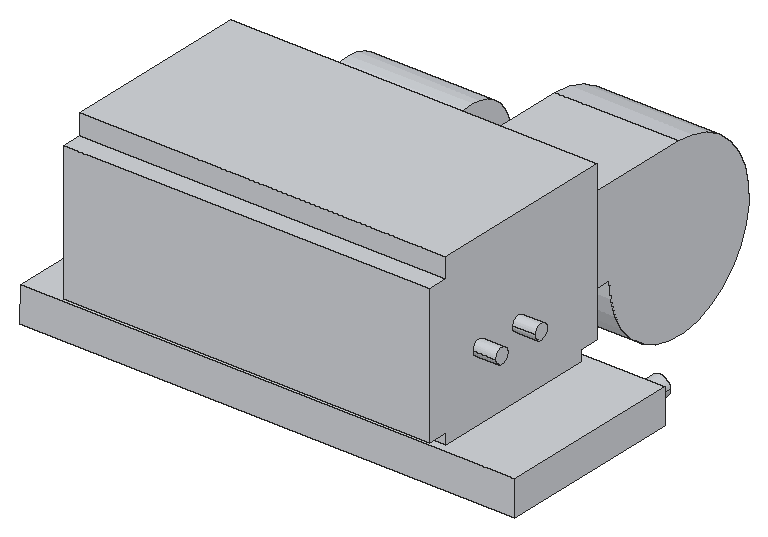
Revit family "M_Unidade de serpentina do ventilador - Horizontal - DX", category Equipamento mecânico, Revit 2019
Family settings
  Cota do conector redondo = Utilizar diâmetro
  Tipo de parte = Normal
  Número OmniClass = 23.75.70.17.27
  Título OmniClass = Fan Coil Units
  ID de item do Seek = Fan Coil Unit - Horizontal - DX-0000-CAN-ENU
  Com base no plano de trabalho = Não
  Sempre na vertical = Sim
  Corte com vazios quando carregada = Não
  Compartilhado = Não
  Ponto de cálculo do ambiente = Não
Parameters (values of type "94 LPS")
  Voltagem = 120 V
  Comprimento da unidade = 539.8 mm
  Altura da unidade = 222.3 mm
  Capacidade de resfriamento total = 1758.43 W
  Largura do ar de fornecimento = 400 mm
  Altura do ar de fornecimento = 150 mm
  Capacidade de resfriamento perceptível = 1348.13 W
  Fluxo refrigerante [instance] = 0.06 L/s
  Raio = Altura 1 - 38.1 mm - 3.175 mm  # 52.4 mm
  Número de pólos = 1
  Fluxo de ar nominal [instance] = 94.39 L/s
  Classificação de carga = Refrigeração
  Comprimento 2 = Comprimento da unidade / 4  # 134.95 mm
  Comprimento 1 = Comprimento da unidade / 6  # 89.967 mm
  Altura 1 = Altura da unidade / 4 + 38.1 mm  # 93.675 mm
  Pressão estática externa [instance] = 74.65 Pa
  Fluxo da drenagem [instance] = 0.0 L/s
  Material CFU = none
  C2 Deslocamento 1 = 108 mm
  C1 Deslocamento 1 = 108 mm
  Carga aparente = 50 VA
Types (8, lengths in mm): name | Comprimento da unidade | Altura da unidade | Capacidade de resfriamento total | Largura do ar de fornecimento | Altura do ar de fornecimento | Capacidade de resfriamento perceptível | Fluxo refrigerante | Raio | Fluxo de ar nominal | Comprimento 2 | Comprimento 1 | Altura 1 | C2 Deslocamento 1 | C1 Deslocamento 1 | Carga aparente
  (no name) | 539.8 | 222.3 | 1758.43 W | 400 | 150 | 1348.13 W | 0.06 L/s | 52.4 | 94.39 L/s | 134.95 | 89.967 | 93.675 | 108 | 108 | 50 VA
  94 LPS | 539.8 | 222.3 | 1758.43 W | 400 | 150 | 1348.13 W | 0.06 L/s | 52.4 | 94.39 L/s | 134.95 | 89.967 | 93.675 | 108 | 108 | 50 VA
  141 LPS | 641.4 | 222.3 | 2637.64 W | 500 | 150 | 2022.19 W | 0.13 L/s | 52.4 | 141.58 L/s | 160.35 | 106.9 | 93.675 | 108 | 108 | 85 VA
  188 LPS | 793.8 | 222.3 | 3897.85 W | 650 | 150 | 3018.63 W | 0.19 L/s | 52.4 | 188.78 L/s | 198.45 | 132.3 | 93.675 | 108 | 108 | 165 VA
  282 LPS | 920.8 | 254 | 5275.28 W | 800 | 200 | 4278.84 W | 0.25 L/s | 60.325 | 283.17 L/s | 230.2 | 153.467 | 101.6 | 123.8 | 92.1 | 225 VA
  376 LPS | 1098.6 | 254 | 6623.41 W | 950 | 200 | 4952.9 W | 0.32 L/s | 60.325 | 377.56 L/s | 274.65 | 183.1 | 101.6 | 123.8 | 92.1 | 235 VA
  470 LPS | 1454.2 | 254 | 8059.45 W | 1300 | 200 | 6154.49 W | 0.38 L/s | 60.325 | 471.95 L/s | 363.55 | 242.367 | 101.6 | 85.7 | 123.8 | 305 VA
  564 LPS | 1657.4 | 254 | 9612.73 W | 1500 | 200 | 7326.78 W | 0.44 L/s | 60.325 | 566.34 L/s | 414.35 | 276.233 | 101.6 | 85.7 | 123.8 | 435 VA
Reference planes
  plane 1 "Centro (Frente/Trás)": y = 0
  plane 2: z = 0
  plane 3 "Centro (Esquerda/Direita)": x = 0
  plane 4: x = 539.8
  plane 5: y = 431.8
  plane 6: y = 215.9
  plane 7: z = 222.3
  plane 8: z = 200.075
  plane 9: z = 50.075
  plane 10: y = 9.525
  plane 11: z = 38.1
  plane 12: y = 193.675
  plane 13: x = 57.15
  plane 14: x = 457.15
  plane 15: x = 514.4
  plane 16: y = 107.95
  plane 17: y = 53.975
  plane 18: z = 114.3
  plane 19: z = 114.3
  plane 20: x = 482.55
  plane 21: z = 19.05
  plane 22: y = 336.55
  plane 23: x = 89.967
  plane 24: x = 449.833
  plane 25: x = 314.883
  plane 26: x = 224.917
  plane 27: z = 93.675
  plane 28: y = -12.7
  plane 29: y = 204.787
  plane 30: y = 230.187
Forms (mm)
  Extrusion 1, solid, material <- "Material CFU"
    sketch origin (0, 0, 0) x (0, 1, 0) y (0, 0, 1)
      loop
        line (0, 38.1) -> (0, 0) -> (204.787, 0) -> (204.787, 38.1) -> (0, 38.1)
    from 0 to 539.8
  Extrusion 2, solid, material <- "Material CFU"
    sketch origin (0, 0, 0) x (0, 1, 0) y (0, 0, 1)
      loop
        line (-12.7, 200.075) -> (-12.7, 50.075) -> (9.525, 50.075) -> (9.525, 38.1) -> (193.675, 38.1) -> (193.675, 50.075) -> (215.9, 50.075) -> (215.9, 222.3) -> (9.525, 222.3) -> (9.525, 200.075) -> (-12.7, 200.075)
    from 57.15 to 457.15
  Extrusion 3, solid, material <- "Material CFU"
    sketch origin (0, 0, 0) x (0, 1, 0) y (0, 0, 1)
      loop
        circle (53.975, 114.3) r 7.938
    from 457.15 to 482.55
  Extrusion 4, solid, material <- "Material CFU"
    sketch origin (0, 0, 0) x (0, 1, 0) y (0, 0, 1)
      loop
        circle (107.95, 114.3) r 7.938
    from 457.15 to 482.55
  Extrusion 5, solid, material <- "Material CFU"
    sketch origin (0, 0, 0) x (1, 0, 0) y (0, 0, 1)
      loop
        circle (514.4, 19.05) r 11.113
    from -230.187 to -204.787
  Extrusion 6, solid, material <- "Material CFU"
    sketch origin (0, 0, 0) x (0, 1, 0) y (0, 0, 1)
      loop
        line (193.675, 50.075) -> (193.675, 38.1) -> (336.55, 38.1) -> (336.55, 50.075) -> (193.675, 50.075)
    from 89.967 to 224.917
  Extrusion 7, solid, material <- "Material CFU"
    sketch origin (0, 0, 0) x (0, 1, 0) y (0, 0, 1)
      loop
        circle (336.55, 93.675) r 52.4
    from 89.967 to 224.917
  Extrusion 8, solid, material <- "Material CFU"
    sketch origin (0, 0, 0) x (0, 1, 0) y (0, 0, 1)
      loop
        circle (336.55, 93.675) r 12.7
    from 224.917 to 314.883
  Extrusion 9, solid, material <- "Material CFU"
    sketch origin (0, 0, 0) x (0, 1, 0) y (0, 0, 1)
      loop
        line (215.9, 188.925) -> (215.9, 93.675) -> (241.3, 93.675)
        arc (241.3, 93.675) -> (403.902, 26.323) -> (336.55, 188.925) r 95.25
        line (336.55, 188.925) -> (215.9, 188.925)
    from 314.883 to 449.833
Cuts and joins
  joined: Extrusion 1, Extrusion 2, Extrusion 3, Extrusion 4, Extrusion 5, Extrusion 6, Extrusion 7, Extrusion 9
Dimensions and locks
  "Comprimento da unidade": plane 3 "Centro (Esquerda/Direita)" to plane 4
  equal spacing: plane 1 "Centro (Frente/Trás)", plane 6, plane 5
  "Altura da unidade": plane 7 to plane 2
  locked: plane 7 to plane 8 at 22.225
  "Altura do ar de fornecimento": plane 8 to plane 9
  locked: plane 11 to plane 2 at 38.1
  locked: plane 12 to plane 6 at 22.225
  locked: plane 3 "Centro (Esquerda/Direita)" to plane 13 at 57.15
  "Largura do ar de fornecimento": plane 13 to plane 14
  locked: plane 15 to plane 4 at 25.4
  locked: plane 14 to plane 20 at 25.4
  equal spacing: plane 11, plane 21, plane 2
  plane 22 to plane 5 = 95.25 mm
  "Comprimento 1": plane 3 "Centro (Esquerda/Direita)" to plane 23
  "Comprimento 1": plane 24 to plane 4
  "Comprimento 2": plane 25 to plane 24
  "Comprimento 2": plane 23 to plane 26
  "Altura 1": plane 27 to plane 2
  locked: plane 28 to plane 1 "Centro (Frente/Trás)" at 12.7
  locked: plane 28 to plane 5 at 444.5
  locked: plane 28 to plane 17 at 66.675
  locked: plane 28 to plane 16 at 120.65
  locked: plane 28 to plane 10 at 22.225
  locked: Extrusion 9 sketch curve to plane 27 at 95.25
  "C1 Deslocamento 1": plane 7 to plane 18
  "C2 Deslocamento 1": plane 7 to plane 19
  equal spacing: plane 12, plane 29, plane 6
  locked: plane 30 to plane 29 at 25.4
  radius of Extrusion 3 sketch curve = 7.938 mm
  radius of Extrusion 4 sketch curve = 7.938 mm
  radius of Extrusion 5 sketch curve = 11.113 mm
  "Raio": radius of Extrusion 7 sketch curve
  radius of Extrusion 8 sketch curve = 12.7 mm
  aligned and locked: Extrusion 1 sketch curve to plane 11
  aligned and locked: plane 2 to Extrusion 1 sketch curve
  aligned and locked: Extrusion 2 sketch curve to plane 8
  aligned and locked: Extrusion 2 sketch curve to plane 10  (x2)
  aligned and locked: Extrusion 2 sketch curve to plane 7
  aligned and locked: Extrusion 2 sketch curve to plane 6
  aligned and locked: plane 9 to Extrusion 2 sketch curve  (x2)
  aligned and locked: Extrusion 2 sketch curve to plane 12
  aligned and locked: plane 11 to Extrusion 2 sketch curve
  aligned and locked: Extrusion 2 to plane 13
  aligned and locked: plane 14 to Extrusion 2
  aligned and locked: plane 4 to Extrusion 1
  aligned and locked: Extrusion 1 to plane 3 "Centro (Esquerda/Direita)"
  aligned and locked: plane 18 to Extrusion 3 sketch curve
  aligned and locked: plane 17 to Extrusion 3 sketch curve
  aligned and locked: plane 16 to Extrusion 4 sketch curve
  aligned and locked: plane 19 to Extrusion 4 sketch curve
  aligned and locked: plane 20 to Extrusion 3
  aligned and locked: plane 20 to Extrusion 4
  aligned and locked: Extrusion 3 to plane 14
  aligned and locked: Extrusion 4 to plane 14
  aligned and locked: plane 21 to Extrusion 5 sketch curve
  aligned and locked: plane 15 to Extrusion 5 sketch curve
  aligned and locked: Extrusion 6 sketch curve to plane 9
  aligned and locked: Extrusion 6 sketch curve to plane 22
  aligned and locked: plane 11 to Extrusion 6 sketch curve
  aligned and locked: Extrusion 6 to plane 23
  aligned and locked: plane 26 to Extrusion 6
  aligned and locked: plane 12 to Extrusion 6 sketch curve
  aligned and locked: plane 22 to Extrusion 7 sketch curve
  aligned and locked: plane 27 to Extrusion 7 sketch curve
  aligned and locked: plane 22 to Extrusion 8 sketch curve
  aligned and locked: plane 27 to Extrusion 8 sketch curve
  aligned and locked: Extrusion 9 sketch curve to plane 6
  aligned and locked: plane 24 to Extrusion 9
  aligned and locked: Extrusion 9 to plane 25
  aligned and locked: plane 25 to Extrusion 8
  aligned and locked: Extrusion 8 to plane 26
  aligned and locked: plane 26 to Extrusion 7
  aligned and locked: Extrusion 7 to plane 23
  aligned and locked: Extrusion 1 sketch curve to plane 1 "Centro (Frente/Trás)"
  aligned and locked: Extrusion 2 sketch curve to plane 28
  aligned and locked: plane 27 to Extrusion 9 sketch curve
  aligned and locked: plane 22 to Extrusion 9 sketch curve
  aligned and locked: Extrusion 1 sketch curve to plane 29
  aligned and locked: cut or joined group 1 (Extrusion 1, Extrusion 2, Extrusion 3, Extrusion 4, Extrusion 5, Extrusion 6, Extrusion 7, Extrusion 9) to cut or joined group 1
  aligned and locked: plane 30 to cut or joined group 1
Connectors
  hvac at (257.15, -12.7, 125.075), driven by "Pressão estática externa", driven by "Fluxo de ar nominal", driven by "Altura do ar de fornecimento", driven by "Largura do ar de fornecimento"
    settings: on cut or joined group 1, index 1, duct flow 94.39 L/s, flow factor 0, pres drop 74.65 Pa, loss coef 0, conn angle 0.00°, conn width 400 mm, conn height 150 mm, conn diameter 609.6 mm, duct sys type 1, conn prof type 1, flow config 0, flow direction 2, loss method 4, conn ref index -1, conn util no, is conn primary yes, conn desc ""
  piping at (482.55, 53.975, 114.3), diameter 15.875, driven by "Fluxo refrigerante"
    settings: on cut or joined group 1, index 2, connector inside diameter 15.875 mm, connector length 0 mm, flow factor 0, pipe flow 0.06 L/s, pressure drop 0.0 Pa, fitting loss kfactor 0, connector angle 0.00°, fixture units 0, engagement length 0 mm, angle of deflection 0.00°, flow configuration 1, flow direction 1, fitting loss method 0, system type 22, joint type 0, gender type 0, connector reference index 3, connector utility 0, adjustable connector no, is connector primary yes, connector description "Refrigerante, entrada"
  piping at (482.55, 107.95, 114.3), diameter 15.875, driven by "Fluxo refrigerante"
    settings: on cut or joined group 1, index 3, connector inside diameter 15.875 mm, connector length 0 mm, flow factor 0, pipe flow 0.06 L/s, pressure drop 0.0 Pa, fitting loss kfactor 0, connector angle 0.00°, fixture units 0, engagement length 0 mm, angle of deflection 0.00°, flow configuration 1, flow direction 2, fitting loss method 0, system type 22, joint type 0, gender type 0, connector reference index 2, connector utility 0, adjustable connector no, is connector primary no, connector description "Refrigerante, saída"
  piping at (514.4, 230.187, 19.05), diameter 22.225, driven by "Fluxo da drenagem"
    settings: on cut or joined group 1, index 4, connector inside diameter 22.225 mm, connector length 0 mm, flow factor 0, pipe flow 0.0 L/s, pressure drop 0.0 Pa, fitting loss kfactor 0, connector angle 0.00°, fixture units 0, engagement length 0 mm, angle of deflection 0.00°, flow configuration 1, flow direction 2, fitting loss method 0, system type 16, joint type 0, gender type 0, connector reference index -1, connector utility 0, adjustable connector yes, is connector primary no, connector description "Drenagem, Saída"
  electrical at (457.15, 83.185, 112.125), driven by "Carga aparente", driven by "Voltagem", driven by "Número de pólos", driven by "Classificação de carga"
    settings: on cut or joined group 1, index 5, voltage 120 V, apparent load 50 VA, apparent load phase1 0 VA, apparent load phase2 0 VA, apparent load phase3 0 VA, power factor 0.8, load classification "Refrigeração", number of poles 1, system type 30, power factor state 1, is connector primary yes, connector utility no, sub classification motor no, connector description ""
